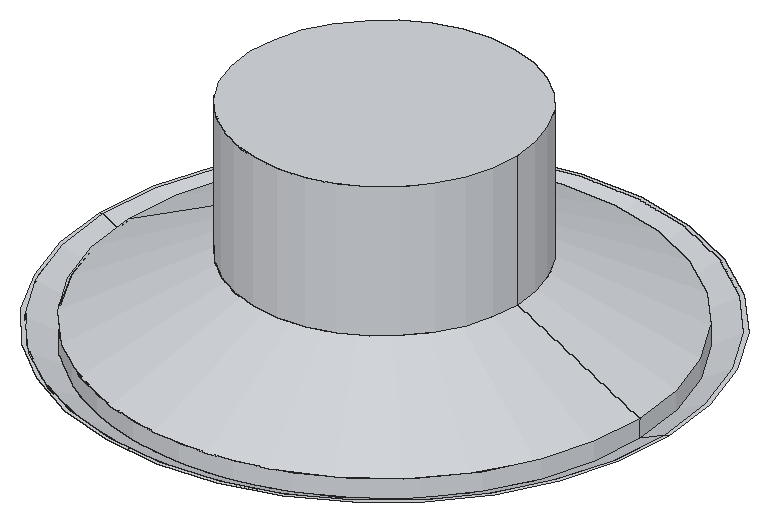
Revit family
Parameters (values of type "C-27 06"")
  Z = 5/16"
  URL = "http://www.anemostat.com"
  U Outer Cone = 12 13/16"
  U - Outer Cone Radius = U Outer Cone / 2  # 6 13/32"
  R Neck Height = 3"
  Outer Cone Height = 1 49/64"
  Model = "C-27"
  Manufacturer = "Anemostat"
  Duct Radius = Duct / 2  # 3"
  Duct = 6"
  C3 C Radius = C3 C / 2  # 1 13/16"
  C3 C = 3 5/8"
  C3 B Radius = C3 B / 2  # 3 15/16"
  C3 B = 7 7/8"
  C2 C Radius = C2 C / 2  # 1"
  C2 C = 2"
  C2 B Radius = C2 B / 2  # 2 1/4"
  C2 B = 4 1/2"
  C2 & 3 A = 1 11/32"
  C1 C Radius = C1 C / 2  # 13/32"
  C1 C = 13/16"
  C1 B Radius = C1 B / 2  # 1"
  C1 B = 2"
  C1 A = 1 13/32"
  A Outer Cone = 11 1/2"
  A - Outer Cone Radius = A Outer Cone / 2  # 5 3/4"
Types (9): name | Z | U Outer Cone | U - Outer Cone Radius | R Neck Height | Outer Cone Height | Duct Radius | Duct | C3 C Radius | C3 C | C3 B Radius | C3 B | C2 C Radius | C2 C | C2 B Radius | C2 B | C2 & 3 A | C1 C Radius | C1 C | C1 B Radius | C1 B | C1 A | A Outer Cone | A - Outer Cone Radius
  (no name) | 5/16" | 12 13/16" | 6 13/32" | 3" | 1 49/64" | 3" | 6" | 1 13/16" | 3 5/8" | 3 15/16" | 7 7/8" | 1" | 2" | 2 1/4" | 4 1/2" | 1 11/32" | 13/32" | 13/16" | 1" | 2" | 1 13/32" | 11 1/2" | 5 3/4"
  C-27 06" | 5/16" | 12 13/16" | 6 13/32" | 3" | 1 49/64" | 3" | 6" | 1 13/16" | 3 5/8" | 3 15/16" | 7 7/8" | 1" | 2" | 2 1/4" | 4 1/2" | 1 11/32" | 13/32" | 13/16" | 1" | 2" | 1 13/32" | 11 1/2" | 5 3/4"
  C-27 08" | 5/8" | 18 3/8" | 9 3/16" | 3" | 2 1/16" | 4" | 8" | 3 7/32" | 6 7/16" | 5 43/64" | 11 11/32" | 1 21/32" | 3 5/16" | 3 3/16" | 6 3/8" | 1 17/32" | 17/32" | 1 1/16" | 1 21/64" | 2 21/32" | 1 21/32" | 16 3/8" | 8 3/16"
  C-27 10" | 1" | 24 1/4" | 12 1/8" | 3" | 3 1/8" | 5" | 10" | 4 1/8" | 8 1/4" | 7 37/64" | 15 5/32" | 2 1/8" | 4 1/4" | 4 9/32" | 8 9/16" | 2 5/32" | 11/16" | 1 3/8" | 2 1/128" | 4 1/64" | 2 9/32" | 21 3/4" | 10 7/8"
  C-27 12" | 1" | 24 1/4" | 12 1/8" | 3" | 2 25/32" | 6" | 12" | 4 1/8" | 8 1/4" | 7 37/64" | 15 5/32" | 2 1/8" | 4 1/4" | 4 9/32" | 8 9/16" | 2 5/32" | 11/16" | 1 3/8" | 2 1/128" | 4 1/64" | 2 9/32" | 21 3/4" | 10 7/8"
  C-27 15" | 1 3/8" | 35 1/2" | 17 3/4" | 3" | 3 29/32" | 7 1/2" | 15" | 5 19/32" | 11 3/16" | 11" | 22" | 2 3/4" | 5 1/2" | 6 1/8" | 12 1/4" | 3 3/8" | 3/4" | 1 1/2" | 2 25/32" | 5 9/16" | 3" | 31 3/4" | 15 7/8"
  C-27 18" | 1 3/8" | 35 1/2" | 17 3/4" | 3 1/4" | 3" | 9" | 18" | 5 19/32" | 11 3/16" | 11" | 22" | 2 3/4" | 5 1/2" | 6 1/8" | 12 1/4" | 3 3/8" | 3/4" | 1 1/2" | 2 25/32" | 5 9/16" | 3" | 31 3/4" | 15 7/8"
  C-27 21" | 1/2" | 46 1/2" | 23 1/4" | 4 1/2" | 6 13/16" | 10 1/2" | 21" | 7" | 14" | 16 3/8" | 32 3/4" | 3 3/4" | 7 1/2" | 9 5/16" | 18 5/8" | 4 53/64" | 1 13/32" | 2 13/16" | 4 3/8" | 8 3/4" | 3 13/16" | 42 3/4" | 21 3/8"
  C-27 24" | 1/2" | 46 1/2" | 23 1/4" | 5 1/8" | 6 13/16" | 12" | 24" | 7" | 14" | 16 3/8" | 32 3/4" | 3 3/4" | 7 1/2" | 9 5/16" | 18 5/8" | 4 53/64" | 1 13/32" | 2 13/16" | 4 3/8" | 8 3/4" | 3 13/16" | 42 3/4" | 21 3/8"
Reference planes (in)
  plane 1 "Center (Front/Back)": y = 0
  plane 2: z = 0
  plane 3 "Center (Left/Right)": x = 0
  plane 4: z = -0.3125
  plane 5: z = 1.45312
  plane 6: x = 6.40625
  plane 7: x = 5.75
  plane 8: x = 3
  plane 9: z = 1.09375
  plane 10: y = -0.40625
  plane 11: y = -1
  plane 12: z = 1.03125
  plane 13: y = -1
  plane 14: y = -2.25
  plane 15: y = -1.8125
  plane 16: y = -3.9375
  plane 17: z = 4.45312
Forms (in)
  Revolve 1, solid
    sketch origin (0, 0, 0) x (1, 0, 0) y (0, 0, 1)
      loop
        line (0, 1.45312) -> (0, 1.42213) -> (2.9999, 1.42213) -> (5.719, 0.09593) -> (5.719, -0.3125) -> (5.75, -0.3125) -> (6.40625, 0) -> (6.33423, 0) -> (5.75, -0.27821) -> (5.75, 0.11186) -> (3, 1.45312) -> (0, 1.45312)
      axis (0, 1.45312) -> (0, -0.3125)
    angle from 0 to 360
  Revolve 2, solid
    sketch origin (0, 0, 0) x (0, 1, 0) y (0, 0, 1)
      loop
        line (0, 1.09375) -> (-0.40625, 1.09375) -> (-1, -0.3125) -> (-0.969, -0.3125) -> (-0.38834, 1.06275) -> (0, 1.06275) -> (0, 1.09375)
      axis (0, 1.09375) -> (0, -0.3125)
    angle from 0 to 360
  Revolve 3, solid
    sketch origin (0, 0, 0) x (0, 1, 0) y (0, 0, 1)
      loop
        line (0, 1.03125) -> (-1, 1.03125) -> (-2.25, -0.3125) -> (-2.219, -0.3125) -> (-0.99784, 1.00025) -> (0, 1.00025) -> (0, 1.03125)
      axis (0, 1.03125) -> (0, -0.3125)
    angle from 0 to 360
  Revolve 4, solid
    sketch origin (0, 0, 0) x (0, 1, 0) y (0, 0, 1)
      loop
        line (0, 1.03125) -> (-1.8125, 1.03125) -> (-3.9375, -0.3125) -> (-3.87852, -0.3125) -> (-1.80254, 1.00025) -> (0, 1.00025) -> (0, 1.03125)
      axis (0, 1.03125) -> (0, -0.3125)
    angle from 0 to 360
  Extrusion 5, solid
    sketch origin (0, 0, 0) x (1, 0, 0) y (0, 1, 0)
      loop
        circle (0, 0) r 3
    from 1.45312 to 4.45312 <- "R Neck Height"
Dimensions and locks (in)
  "Z": level to plane 4
  "Outer Cone Height": plane 5 to plane 4
  "U - Outer Cone Radius": plane 6 to plane 3 "Center (Left/Right)"
  "A - Outer Cone Radius": plane 3 "Center (Left/Right)" to plane 7
  "Duct Radius": plane 8 to plane 3 "Center (Left/Right)"
  "C1 A": plane 9 to plane 4
  "C1 C Radius": plane 1 "Center (Front/Back)" to plane 10
  "C1 B Radius": plane 1 "Center (Front/Back)" to plane 11
  "C2 & 3 A": plane 12 to plane 4
  "C2 C Radius": plane 1 "Center (Front/Back)" to plane 13
  "C2 B Radius": plane 1 "Center (Front/Back)" to plane 14
  "C3 C Radius": plane 1 "Center (Front/Back)" to plane 15
  "C3 B Radius": plane 1 "Center (Front/Back)" to plane 16
  "R Neck Height": plane 17 to plane 5
  "Duct Radius": radius of Extrusion 5 sketch curve
  aligned and locked: Extrusion 5 to plane 5
  aligned and locked: plane 17 to Extrusion 5
Automatic sketch dimensions
  Revolve 1 sketch curve to plane 3 "Center (Left/Right)" = 0"  (x2)
  Revolve 1 sketch curve to plane 5 = 0"
  Revolve 1 sketch curve to plane 8 = 0"
  Revolve 1 sketch curve to plane 4 = 0"
  Revolve 1 sketch curve to plane 7 = 0"  (x2)
  Revolve 1 sketch curve to level = 0"
  Revolve 1 sketch curve to plane 6 = 0"
  Revolve 1 sketch curve to plane 8 = 0.0001"
  Revolve 1 sketch curve to Revolve 1 sketch curve = 0.031"
  Revolve 1 sketch curve to Revolve 1 sketch curve = 0.07202"
  Revolve 1 sketch curve to plane 4 = 0.11502"
  Revolve 1 sketch curve to Revolve 1 sketch curve = 0.03429"
  level to Revolve 1 sketch curve = 0.09593"
  Revolve 1 sketch curve to Revolve 1 sketch curve = 0.01593"
  Revolve 1 sketch curve to plane 5 = 0.031"
  Revolve 1 sketch curve to Revolve 1 sketch curve = 0.30269"
  Revolve 2 sketch curve to plane 4 = 0"  (x2)
  Revolve 2 sketch curve to plane 11 = 0"
  Revolve 2 sketch curve to plane 9 = 0"  (x2)
  Revolve 2 sketch curve to plane 10 = 0"
  Revolve 2 sketch curve to plane 1 "Center (Front/Back)" = 0"  (x2)
  Revolve 2 sketch curve to plane 11 = 0.031"
  Revolve 2 sketch curve to plane 10 = 0.01791"
  Revolve 2 sketch curve to Revolve 2 sketch curve = 0.031"
  Revolve 3 sketch curve to plane 4 = 0"  (x2)
  Revolve 3 sketch curve to plane 14 = 0"
  Revolve 3 sketch curve to plane 11 = 0"
  Revolve 3 sketch curve to plane 1 "Center (Front/Back)" = 0"  (x2)
  Revolve 3 sketch curve to plane 12 = 0"  (x2)
  Revolve 3 sketch curve to Revolve 3 sketch curve = 0.031"
  Revolve 3 sketch curve to plane 11 = 0.00216"
  Revolve 3 sketch curve to Revolve 3 sketch curve = 0"
  Revolve 3 sketch curve to plane 12 = 0.031"
  Revolve 4 sketch curve to plane 4 = 0"  (x2)
  Revolve 4 sketch curve to plane 16 = 0"
  Revolve 4 sketch curve to plane 12 = 0"  (x2)
  Revolve 4 sketch curve to plane 15 = 0"
  Revolve 4 sketch curve to plane 1 "Center (Front/Back)" = 0"  (x2)
  Revolve 4 sketch curve to plane 16 = 0.05898"
  Revolve 4 sketch curve to plane 15 = 0.00996"
  Revolve 4 sketch curve to Revolve 4 sketch curve = 0.031"
  plane 1 "Center (Front/Back)" to Extrusion 5 sketch curve = 0"
  Extrusion 5 sketch curve to plane 3 "Center (Left/Right)" = 0"
Connectors (in)
  hvac at (0, 0, 4.45312), driven by "Duct Radius"
    settings: on Extrusion 5, index 1
